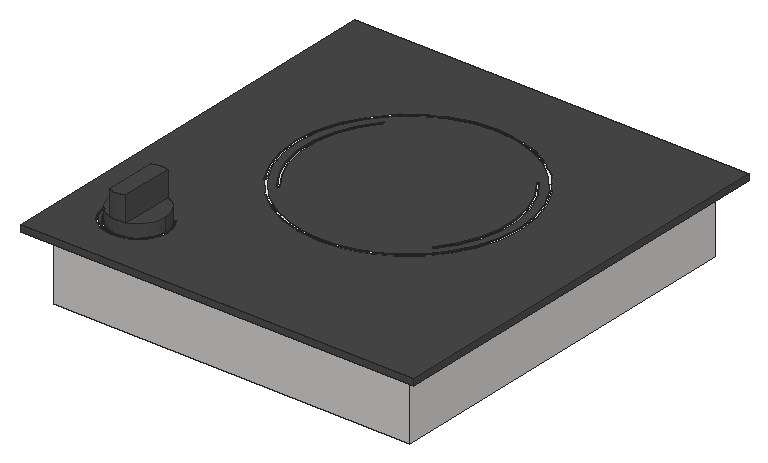
Revit family "QF_Summit_CR1115_Electric Cooktop", category Specialty Equipment, Revit 2020
Family settings
  Round Connector Dimension = Use Diameter
  Part Type = Normal
  Work Plane-Based = No
  Always vertical = Yes
  Cut with Voids When Loaded = No
  Shared = No
  Room Calculation Point = No
Parameters
  Weight in Pounds = 10
  Watts = Volts * FL Amps  # 1725 W
  Volts = 115 V
  URL Cutsheet = ""
  Specification by User = ""
  Specification by Manufacturer = ""
  Serial Number = ""
  Seismic Rating = ""
  SMACNA No = ""
  Revision Code = ""
  Phase = 1
  Number of Poles = 1
  NAFEM Spec ID Number = ""
  Model = "CR1115"
  Min Ckt Ampacity = 0 A
  Max Overcurrent Protection = 0 A
  Masterspec = ""
  Manufacturer = "Summit"
  Length = 11.88"
  Item Number = ""
  Installed By = ""
  Identify Quantity as Lot = yes
  Height = 3.38"
  HP = ""
  Furnished By = ""
  Foodservice Equipment Identifier = yes
  FL Amps = 15 A
  Electrical Remarks = ""
  Electric Connection Type = ""
  Elec Conn RI Height = 0"
  Elec Conn Connection Height = 0"
  Description = "Electric Cooktop"
  Depth = 12.63"
  Default Elevation = 0"
  Cycle = 60 Hz
  Conn Plug = ""
  Conn Conduit = yes
  CSI MasterFormat = ""
  Apparent Power = if(Phase = 3, Volts * FL Amps * 1.73, Volts * FL Amps)  # 1725 VA
Reference planes (in)
  plane 1 "BACK": y = 0
  plane 2: z = 0
  plane 3 "LEFT": x = 0
  plane 4 "RIGHT": x = 11.88
  plane 5 "FRONT": y = -12.63
  plane 6 "TOP": z = 3.38
  plane 7 "Center Y": x = 5.94
  plane 8 "Center X": y = -6.315
  plane 9: z = 4.505
  plane 10: y = -0.5625
  plane 11: x = 0.5625
  plane 12: z = 1.1925
  plane 13: x = 11.3175
  plane 14: y = -12.0675
  plane 15: z = 3.1925
  plane 16: x = 2.44145
Forms (in)
  Extrusion 1, solid, material "QF_Plastic_Black_Smooth"
    sketch origin (-1.19104, -180, 3.1925) x (-1, 0, 0) y (0, -1, 0)
      loop
        line (-2.57537, -169.78143) -> (-2.44401, -169.9128)
        arc (-2.44401, -169.9128) -> (-2.30965, -168.86387) -> (-3.25438, -168.38871) r 0.91503
        arc (-3.25438, -168.38871) -> (-4.0343, -168.88229) -> (-3.94051, -169.80049) r 0.87695
        line (-3.94051, -169.80049) -> (-3.91575, -169.78143)
        arc (-3.91575, -169.78143) -> (-3.24556, -168.41991) -> (-2.57537, -169.78143) r 0.8457
      loop
        line (-2.53418, -169.77843) -> (-2.44538, -169.86723)
        arc (-2.44538, -169.86723) -> (-2.29955, -168.95891) -> (-3.04008, -168.41307) r 0.88378
        arc (-3.04008, -168.41307) -> (-2.42324, -168.96092) -> (-2.53418, -169.77843) r 0.87695
      loop
        line (-1.19104, -180) -> (-1.19104, -167.37) -> (-13.07104, -167.37) -> (-13.07104, -180) -> (-1.19104, -180)
      loop
        circle (-7.13104, -174.58434) r 3.40719
      loop
        circle (-7.13104, -174.58434) r 3.34469
      loop
        arc (-4.77797, -176.59059) -> (-4.0388, -174.58434) -> (-4.77797, -172.57809) r 3.09224
        line (-4.77797, -172.57809) -> (-4.82553, -172.61864)
        arc (-4.82553, -172.61864) -> (-4.1013, -174.58434) -> (-4.82553, -176.55004) r 3.02974
        line (-4.82553, -176.55004) -> (-4.77797, -176.59059)
      loop
        line (-9.48411, -176.59059) -> (-9.43655, -176.55004)
        arc (-9.43655, -176.55004) -> (-10.16078, -174.58434) -> (-9.43655, -172.61864) r 3.02974
        line (-9.43655, -172.61864) -> (-9.48411, -172.57809)
        arc (-9.48411, -172.57809) -> (-10.22328, -174.58434) -> (-9.48411, -176.59059) r 3.09224
    from 0 to 0.1875
  Extrusion 2, solid, material "QF_Plastic_Black_Smooth"
    sketch origin (-1.19104, -180, 3.38) x (-1, 0, 0) y (0, -1, 0)
      loop
        circle (-3.24556, -169.26562) r 0.81666
    from 0 to 0.38378
  Extrusion 3, solid, material "QF_Plastic_Black_Smooth"
    sketch origin (-1.19104, -180, 3.76378) x (-1, 0, 0) y (0, -1, 0)
      loop
        arc (-3.49556, -170.04307) -> (-3.24556, -170.08228) -> (-2.99556, -170.04307) r 0.81666
        line (-2.99556, -170.04307) -> (-2.99556, -168.48816)
        arc (-2.99556, -168.48816) -> (-3.24556, -168.44895) -> (-3.49556, -168.48816) r 0.81666
        line (-3.49556, -168.48816) -> (-3.49556, -170.04307)
    from 0 to 0.74122
  Extrusion 4, solid, material "QF_Plastic_White_Smooth"
    sketch origin (-1.19104, -180, 3.1925) x (-1, 0, 0) y (0, -1, 0)
      loop
        arc (-2.44401, -169.9128) -> (-2.30965, -168.86387) -> (-3.25438, -168.38871) r 0.91503
        arc (-3.25438, -168.38871) -> (-4.0343, -168.88229) -> (-3.94051, -169.80049) r 0.87695
        line (-3.94051, -169.80049) -> (-3.91575, -169.78143)
        arc (-3.91575, -169.78143) -> (-3.24556, -168.41991) -> (-2.57537, -169.78143) r 0.8457
        line (-2.57537, -169.78143) -> (-2.44401, -169.9128)
      loop
        line (-2.53418, -169.77843) -> (-2.44538, -169.86723)
        arc (-2.44538, -169.86723) -> (-2.29955, -168.95891) -> (-3.04008, -168.41307) r 0.88378
        arc (-3.04008, -168.41307) -> (-2.42324, -168.96092) -> (-2.53418, -169.77843) r 0.87695
      loop
        line (-4.77797, -172.57809) -> (-4.82553, -172.61864)
        arc (-4.82553, -172.61864) -> (-4.1013, -174.58434) -> (-4.82553, -176.55004) r 3.02974
        line (-4.82553, -176.55004) -> (-4.77797, -176.59059)
        arc (-4.77797, -176.59059) -> (-4.0388, -174.58434) -> (-4.77797, -172.57809) r 3.09224
      loop
        circle (-7.13104, -174.58434) r 3.34469
      loop
        line (-9.48411, -176.59059) -> (-9.43655, -176.55004)
        arc (-9.43655, -176.55004) -> (-10.16078, -174.58434) -> (-9.43655, -172.61864) r 3.02974
        line (-9.43655, -172.61864) -> (-9.48411, -172.57809)
        arc (-9.48411, -172.57809) -> (-10.22328, -174.58434) -> (-9.48411, -176.59059) r 3.09224
      loop
        circle (-7.13104, -174.58434) r 3.40719
    from 0 to 0.1875
  Extrusion 5, solid, material "QF_Metal_Stainless_Polished"
    sketch origin (-2.73972, -180, 1.1925) x (0, -1, 0) y (-1, 0, 0)
      loop
        line (-167.995, -3.36472) -> (-179.375, -3.36472) -> (-179.375, -13.99472) -> (-167.995, -13.99472) -> (-167.995, -3.36472)
    from 0 to -0.0625
  Extrusion 6, solid, material "QF_Metal_Stainless_Polished"
    sketch origin (-2.73972, -180, 1.1925) x (-1, 0, 0) y (0, -1, 0)
      loop
        circle (-5.18117, -170.37) r 0.375
    from 0 to -1.1925
  Extrusion 7, solid, material "QF_Metal_Stainless_Polished"
    sketch origin (-2.73972, -180, 1.1925) x (-1, 0, 0) y (0, -1, 0)
      loop
        line (-3.30222, -179.4375) -> (-3.30222, -167.9325) -> (-14.05722, -167.9325) -> (-14.05722, -179.4375) -> (-3.30222, -179.4375)
      loop
        line (-3.36472, -167.995) -> (-13.99472, -167.995) -> (-13.99472, -179.375) -> (-3.36472, -179.375) -> (-3.36472, -167.995)
    from 0 to 2
Cuts and joins
  joined: Extrusion 5, Extrusion 7
Lines and regions (in)
  symbolic lines
    curve 1: line (11.88, 0, 0) -> (0, 0, 0)
    curve 2: line (0, 0, 0) -> (0, -12.63, 0)
    curve 3: line (0, -12.63, 0) -> (11.88, -12.63, 0)
    curve 4: line (11.88, -12.63, 0) -> (11.88, 0, 0)
    curve 5: arc (2.59531, -5.41566, 0) -> (5.94, -2.07097, 0) -> (9.28469, -5.41566, 0) r 3.34469
    curve 6: arc (9.28469, -5.41566, 0) -> (5.94, -8.76035, 0) -> (2.59531, -5.41566, 0) r 3.34469
    curve 7: arc (9.34719, -5.41566, 0) -> (5.94, -2.00847, 0) -> (2.53281, -5.41566, 0) r 3.40719
    curve 8: arc (2.53281, -5.41566, 0) -> (5.94, -8.82285, 0) -> (9.34719, -5.41566, 0) r 3.40719
    curve 9: arc (3.58693, -3.40941, 0) -> (2.84776, -5.41566, 0) -> (3.58693, -7.42191, 0) r 3.09224
    curve 10: line (3.58693, -7.42191, 0) -> (3.63449, -7.38136, 0)
    curve 11: arc (3.63449, -7.38136, 0) -> (2.91026, -5.41566, 0) -> (3.63449, -3.44996, 0) r 3.02974
    curve 12: line (3.63449, -3.44996, 0) -> (3.58693, -3.40941, 0)
    curve 13: arc (8.29307, -7.42191, 0) -> (9.03224, -5.41566, 0) -> (8.29307, -3.40941, 0) r 3.09224
    curve 14: line (8.29307, -3.40941, 0) -> (8.24551, -3.44996, 0)
    curve 15: arc (8.24551, -3.44996, 0) -> (8.96974, -5.41566, 0) -> (8.24551, -7.38136, 0) r 3.02974
    curve 16: line (8.24551, -7.38136, 0) -> (8.29307, -7.42191, 0)
    curve 17: line (1.80452, -9.95693, 0) -> (1.80452, -11.51184, 0)
    curve 18: line (2.30452, -11.51184, 0) -> (2.30452, -9.95693, 0)
    curve 19: arc (2.87119, -10.73438, 0) -> (2.05452, -9.91772, 0) -> (1.23786, -10.73438, 0) r 0.81666
    curve 20: arc (1.23786, -10.73438, 0) -> (2.05452, -11.55105, 0) -> (2.87119, -10.73438, 0) r 0.81666
    curve 21: arc (1.84905, -11.58693, 0) -> (1.10852, -11.04109, 0) -> (1.25434, -10.13277, 0) r 0.88378
    curve 22: line (1.25434, -10.13277, 0) -> (1.34314, -10.22157, 0)
    curve 23: arc (1.34314, -10.22157, 0) -> (1.2322, -11.03908, 0) -> (1.84905, -11.58693, 0) r 0.87695
    curve 24: line (1.38434, -10.21857, 0) -> (1.25297, -10.0872, 0)
    curve 25: arc (1.25297, -10.0872, 0) -> (1.11861, -11.13613, 0) -> (2.06334, -11.61129, 0) r 0.91503
    curve 26: arc (2.06334, -11.61129, 0) -> (2.84326, -11.11771, 0) -> (2.74947, -10.19951, 0) r 0.87695
    curve 27: line (2.74947, -10.19951, 0) -> (2.72471, -10.21857, 0)
    curve 28: arc (2.72471, -10.21857, 0) -> (2.05452, -11.58009, 0) -> (1.38434, -10.21857, 0) r 0.8457
Dimensions and locks (in)
  equal spacing: plane 3 "LEFT", plane 7 "Center Y", plane 4 "RIGHT"
  "Length": plane 3 "LEFT" to plane 4 "RIGHT"
  equal spacing: plane 5 "FRONT", plane 8 "Center X", plane 1 "BACK"
  "Depth": plane 5 "FRONT" to plane 1 "BACK"
  "Height": plane 6 "TOP" to level
  locked: plane 9 to plane 6 "TOP" at 1.125
  plane 6 "TOP" to plane 15 = 3/16"
  plane 15 to plane 12 = 2"
  aligned and locked: level to plane 2
Automatic sketch dimensions
  Extrusion 1 sketch curve to Extrusion 1 sketch curve = 0"  (x31)
  plane 1 "BACK" to Extrusion 1 sketch curve = 0"
  Extrusion 1 sketch curve to plane 4 "RIGHT" = 0"
  Extrusion 1 sketch curve to plane 3 "LEFT" = 0"
  plane 5 "FRONT" to Extrusion 1 sketch curve = 0"
  Extrusion 1 sketch curve to plane 11 = 2.18697"
  Extrusion 1 sketch curve to Extrusion 1 sketch curve = 0.02476"
  Extrusion 1 sketch curve to Extrusion 1 sketch curve = 0.67019"
  Extrusion 1 sketch curve to Extrusion 1 sketch curve = 0.12799"
  Extrusion 1 sketch curve to Extrusion 1 sketch curve = 0.5422"
  Extrusion 1 sketch curve to Extrusion 1 sketch curve = 0.0412"
  Extrusion 1 sketch curve to Extrusion 1 sketch curve = 0.0888"
  Extrusion 1 sketch curve to Extrusion 1 sketch curve = 0.00137"
  plane 8 "Center X" to Extrusion 1 sketch curve = 0.89934"
  Extrusion 1 sketch curve to plane 14 = 1.9803"
  Extrusion 1 sketch curve to Extrusion 1 sketch curve = 0.04557"
  Extrusion 1 sketch curve to Extrusion 1 sketch curve = 0.06674"
  Extrusion 1 sketch curve to Extrusion 1 sketch curve = 0.0858"
  Extrusion 1 sketch curve to Extrusion 1 sketch curve = 0.003"
  Extrusion 1 sketch curve to Extrusion 1 sketch curve = 0.48798"
  Extrusion 1 sketch curve to Extrusion 1 sketch curve = 0.02783"
  plane 7 "Center Y" to Extrusion 1 sketch curve = 2.35307"  (x2)
  Extrusion 1 sketch curve to plane 8 "Center X" = 1.10691"
  Extrusion 1 sketch curve to Extrusion 1 sketch curve = 0.04756"  (x4)
  Extrusion 1 sketch curve to plane 8 "Center X" = 1.06636"  (x2)
  Extrusion 1 sketch curve to plane 7 "Center Y" = 2.30551"
  Extrusion 1 sketch curve to Extrusion 1 sketch curve = 0.04055"  (x2)
  Extrusion 1 sketch curve to plane 7 "Center Y" = 0"
  Extrusion 3 sketch curve to Extrusion 3 sketch curve = 0"  (x2)
  Extrusion 3 sketch curve to Extrusion 3 sketch curve = 1/4"
  Extrusion 3 sketch curve to Extrusion 3 sketch curve = 1/2"
  Extrusion 3 sketch curve to Extrusion 3 sketch curve = 0.77746"
  Extrusion 4 sketch curve to Extrusion 4 sketch curve = 0"  (x64)
  Extrusion 4 sketch curve to plane 7 "Center Y" = 0"
  Extrusion 4 sketch curve to plane 8 "Center X" = 1.06636"
  plane 7 "Center Y" to Extrusion 4 sketch curve = 2.30551"  (x2)
  Extrusion 4 sketch curve to Extrusion 4 sketch curve = 0.04756"  (x4)
  Extrusion 4 sketch curve to plane 8 "Center X" = 1.10691"
  plane 16 to Extrusion 4 sketch curve = 1.19304"  (x2)
  plane 16 to Extrusion 4 sketch curve = 0.30802"
  Extrusion 4 sketch curve to Extrusion 4 sketch curve = 0.02476"
  Extrusion 4 sketch curve to plane 16 = 0.38693"
  Extrusion 4 sketch curve to Extrusion 4 sketch curve = 0.12799"
  Extrusion 4 sketch curve to Extrusion 4 sketch curve = 0.5422"
  Extrusion 4 sketch curve to Extrusion 4 sketch curve = 0.0412"
  Extrusion 4 sketch curve to Extrusion 4 sketch curve = 0.0888"
  Extrusion 4 sketch curve to Extrusion 4 sketch curve = 0.00137"
  plane 8 "Center X" to Extrusion 4 sketch curve = 0.89934"
  Extrusion 4 sketch curve to Extrusion 4 sketch curve = 1.9657"
  Extrusion 4 sketch curve to Extrusion 4 sketch curve = 0.04055"
  Extrusion 4 sketch curve to plane 14 = 1.9803"
  Extrusion 4 sketch curve to Extrusion 4 sketch curve = 0.04557"
  Extrusion 4 sketch curve to Extrusion 4 sketch curve = 0.06674"
  Extrusion 4 sketch curve to Extrusion 4 sketch curve = 0.01906"
  Extrusion 4 sketch curve to Extrusion 4 sketch curve = 0.003"
  Extrusion 4 sketch curve to Extrusion 4 sketch curve = 0.48798"
  Extrusion 4 sketch curve to Extrusion 4 sketch curve = 0.02783"
  plane 13 to Extrusion 4 sketch curve = 2.03281"
  Extrusion 4 sketch curve to Extrusion 4 sketch curve = 1/16"
  Extrusion 6 sketch curve to plane 16 = 0"
  Extrusion 6 sketch curve to plane 14 = 2 7/16"
  Extrusion 7 sketch curve to plane 10 = 0"
  Extrusion 7 sketch curve to plane 13 = 0"
  Extrusion 7 sketch curve to plane 11 = 0"
  plane 14 to Extrusion 7 sketch curve = 0"
  plane 13 to Extrusion 7 sketch curve = 1/16"
  Extrusion 7 sketch curve to plane 11 = 1/16"
  Extrusion 7 sketch curve to plane 10 = 1/16"
  Extrusion 7 sketch curve to plane 14 = 1/16"
  Extrusion 7 to Extrusion 5 sketch curve = 0"
  Extrusion 5 sketch curve to Extrusion 7 = 0"  (x3)
  plane 1 "BACK" to curve 1 = 0"
  curve 1 to plane 3 "LEFT" = 0"
  curve 3 to plane 4 "RIGHT" = 0"
  plane 5 "FRONT" to curve 3 = 0"
  curve 5 to plane 7 "Center Y" = 0"
  plane 8 "Center X" to curve 6 = 0.89934"
  plane 16 to curve 6 = 0.15386"
  curve 5 to curve 7 = 0"  (x2)
  curve 7 to curve 5 = 1/16"
  curve 5 to curve 9 = 0"  (x2)
  curve 5 to curve 11 = 0"  (x2)
  plane 16 to curve 10 = 1.14548"
  plane 16 to curve 12 = 1.14548"
  curve 10 to curve 10 = 0.04756"
  curve 12 to curve 12 = 0.04756"
  curve 10 to plane 8 "Center X" = 1.10691"
  curve 10 to curve 10 = 0.04055"
  curve 5 to curve 13 = 0"  (x2)
  curve 5 to curve 15 = 0"  (x2)
  curve 14 to curve 5 = 1.03918"
  curve 16 to plane 8 "Center X" = 1.06636"
  curve 16 to curve 5 = 1.03918"
  curve 14 to curve 14 = 0.04756"
  curve 16 to plane 8 "Center X" = 1.10691"
  curve 16 to curve 16 = 0.04756"
  curve 19 to plane 16 = 0.38693"
  curve 19 to plane 11 = 0.67536"
  curve 18 to plane 16 = 0.13693"
  curve 17 to plane 14 = 0.55566"
  curve 17 to curve 18 = 0"
  curve 19 to curve 23 = 0"  (x2)
  curve 22 to curve 17 = 0.55018"
  curve 21 to curve 22 = 0.0888"
  curve 21 to curve 23 = 0.12799"
  curve 23 to curve 21 = 0.02783"
  curve 19 to curve 22 = 0.51282"
  curve 23 to curve 22 = 0.0888"
  curve 19 to curve 26 = 0"  (x2)
  curve 19 to curve 28 = 0"  (x2)
  curve 21 to curve 25 = 0"  (x2)
  curve 24 to curve 22 = 0.00137"
  curve 23 to curve 24 = 0.0412"
  plane 16 to curve 27 = 0.28326"
  curve 27 to curve 27 = 0.02476"
  curve 27 to curve 18 = 0.26164"
  curve 27 to curve 27 = 0.01906"
  curve 22 to curve 24 = 0.04557"
  radius of Extrusion 1 sketch curve = 3.40719"
  radius of Extrusion 1 sketch curve = 3.34469"
  radius of Extrusion 2 sketch curve to Extrusion 1 = 0.02904"
  radius of Extrusion 3 sketch curve to Extrusion 2 = 0"
  radius of Extrusion 6 sketch curve = 3/8"
Connectors (in)
  electrical at (2.44145, -9.63, 0), driven by "Volts", driven by "Watts"
    settings: on Extrusion 6, index 1, voltage 115 V, apparent load 1725 VA, apparent load phase1 0 VA, apparent load phase2 0 VA, apparent load phase3 0 VA, power factor 1, load classification "Other", number of poles 1, system type 30, power factor state 1, is connector primary yes, connector utility no, sub classification motor no, connector description "Electrical Connection"
